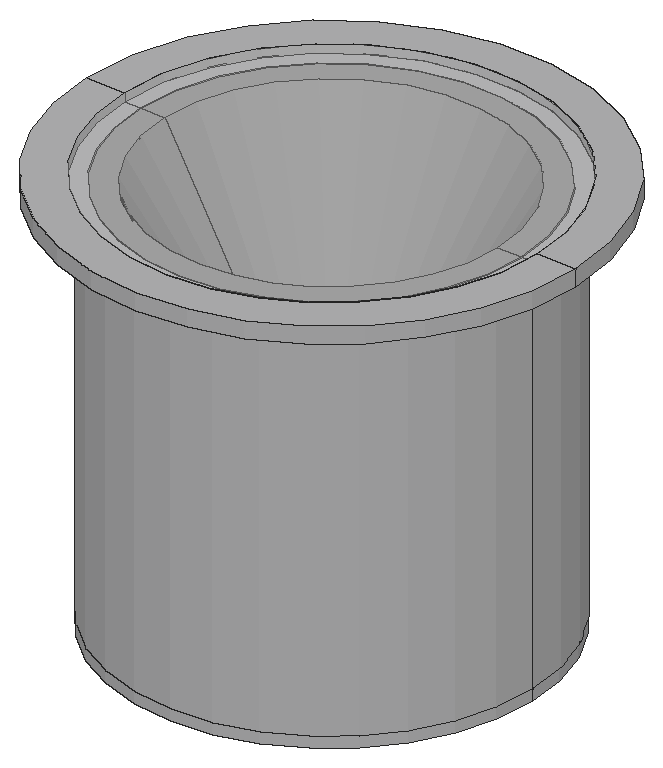
Revit family "2049516 Lighting Fixture_Sylvania_Myriad V LED_Ceiling Recessed", category Lighting Fixtures, host Face, Revit 2015
Parameters (values of type "MYRIAD SS HOUSING 4000K DIM EM")
  Weight = 1.40 kg  # constant formula
  Wattage = 6.09709 W
  built-in parameter 1150110 = 1 (stored number, unit not read)
  Voltage Comments = "UNV (Universal Voltage; 220-240 Volt)"  # constant formula
  Voltage = 240 V  # constant formula
  URL = ""
  built-in parameter 1114217 = 1 (stored number, unit not read)
  Tilt Angle = -90.00°  # constant formula
  built-in parameter 1150109 = 1 (stored number, unit not read)
  built-in parameter 1150134 = 12
  built-in parameter 1150113 = 1 (stored number, unit not read)
  Reflector Material = Steel_Sylvania_Myrad V LED_Chrome
  Recessed Depth = Height  # 72.0 mm
  Photometric Web File = "2049516_MYRIADVLED16W4KDimmable+Emergency-91586.ies"
  Product Page URL = ""
  Product Family = "MYRIAD V LED - HOUSING ONLY"  # constant formula
  Photometry Comments = ""
  built-in parameter 1150105 = 501.83 (stored number, unit not read)
  Lumens = 314 lm
  built-in parameter 1150115 = 1 (stored number, unit not read)
  built-in parameter 1150137 = (empty or 0)
  built-in parameter 1150139 = (empty or 0)
  Life = "50 000"  # constant formula
  built-in parameter 1150112 = 1 (stored number, unit not read)
  built-in parameter 1150114 = 1 (stored number, unit not read)
  Lamp Comments = "18W Citizen Citiled neutral 4000K"
  LOR = "100%"  # constant formula
  Inner Radius = Cutout Radius - 2.0 mm  # 35.5 mm
  built-in parameter 1150132 = 2
  built-in parameter 1150102 = (empty or 0)
  built-in parameter 1150107 = 4000 (stored number, unit not read)
  built-in parameter 1150138 = (empty or 0)
  built-in parameter 1150106 = 5.0183 (stored number, unit not read)
  Emit from Circle Diameter = Diffuser Diameter  # 77.0 mm
  Emit Shape Visible in Rendering = no
  built-in parameter 1150104 = 4.7845 (stored number, unit not read)
  Dimming Lamp Color Temperature Shift = <None>
  Diffuser Diameter = Cutout Diameter + 2.0 mm  # 77.0 mm
  Cutout Radius = Cutout Diameter / 2  # 37.5 mm
  Cutout Diameter = 75.0 mm
  Color Filter = 16777215
  Body Material = Aluminum_Sylvania_Myrad V LED_Silver
  Beam Angle = 30.00°  # constant formula
  built-in parameter 1114218 = 1 (stored number, unit not read)
  built-in parameter 1150133 = 10 (stored number, unit not read)
  IP Rating = "IP20/44(with accessories)"  # constant formula
  Height = 72.0 mm
  Electrical Protection = "CLASS II"  # constant formula
  built-in parameter 1114216 [instance] = 1 (stored number, unit not read)
  Model = "2049516 MYRIAD SS HOUSING 4000K DIM EM"
  Manufacturer = "Feilo-Sylvania Group"
  Lamp = "Integrated LED"
  Diffuser Material = Polycarbonate_Sylvania_Myrad V LED_Clear
  Description = "New high output high efficiency LED downlight modules. IR/UV free light source without heat radiation. Energy efficient light source with far superior luminous flux per watt than existing Low Voltage Halogen. Long life up to 50K hours, fit and forget maintenance free lighting solution. Dimmable options including DALI as standard. IP44 & IP65 versions as standard options. New range of Architectural accessories each providing a different lit dimension. Choice of colour temperatures warm 3000K and neutral 4000K. Luminaires supplied complete with LED drivers. Emergency versions passes through cut out. New completely flush plaster up accessory ring for clean ceiling lines and smooth finish. Total circuit power I5W"  # constant formula
  Default Elevation = 0.0 mm
  built-in parameter 1140040 [instance] = 1
  Assembly Code = "D5020200"
  Apparent Load Comments = ""
  Apparent Load = 18 VA
Reference planes
  plane 1 "Center (Front/Back)": y = 0
  plane 2: z = 0
  plane 3 "Center (Left/Right)": x = 0
  plane 4 "Fixture Bottom": z = 3
  plane 5 "Diffuser": z = 1.454
  plane 6 "Fixture Top": z = -72
  plane 7 "Housing Thickness": z = -70
  plane 8 "Reflector Top": z = -33.546
Forms (mm)
  Extrusion 1, void
    sketch origin (0, 0, 58) x (-1, 0, 0) y (0, -1, 0)
      loop
        circle (0, 0) r 37.5
    from -130 to -55
  Revolve 2, solid, material "Aluminum_Sylvania_Myrad V LED_Silver" <- "Body Material", detail levels fine
    sketch origin (0, 0, 0) x (1, 0, 0) y (0, 0, 1)
      loop
        line (-45.521, 3) -> (-45.521, 0) -> (-37.5, 0) -> (-37.5, -70) -> (-35.537, -70) -> (-35.537, 1.454) -> (-38.5, 1.454) -> (-38.5, 3) -> (-45.521, 3)
      axis (0, 3) -> (0, -70)
    angle from 0 to 360
  Extrusion 3, solid, material "Aluminum_Sylvania_Myrad V LED_Silver" <- "Body Material", detail levels fine
    sketch origin (0, 0, 58) x (-1, 0, 0) y (0, -1, 0)
      loop
        circle (0, 0) r 37.5
    from -130 to -128
  Revolve 4, solid, material "Steel_Sylvania_Myrad V LED_Chrome" <- "Reflector Material", detail levels fine
    sketch origin (0, 0, 0) x (1, 0, 0) y (0, 0, 1)
      loop
        line (-35.5, -33.546) -> (0, -33.546) -> (0, -31.083) -> (-12.169, -31.083) -> (-31, 1.454) -> (-35.5, 1.454) -> (-35.5, -33.546)
      axis (0, 1.454) -> (0, -33.546)
    angle from 0 to 360
  Extrusion 5, solid, material "Polycarbonate_Sylvania_Myrad V LED_Clear" <- "Diffuser Material", detail levels fine
    sketch origin (0, 0, 58) x (-1, 0, 0) y (0, -1, 0)
      loop
        circle (0, 0) r 38.5
    from -56.546 to -55
  Revolve 6, solid, material "Aluminum_Sylvania_Myrad V LED_Silver" <- "Body Material", detail levels coarse+medium
    sketch origin (0, 0, 0) x (1, 0, 0) y (0, 0, 1)
      loop
        line (-45.521, 3) -> (-45.521, 0) -> (-37.5, 0) -> (-37.5, -72) -> (0, -72) -> (0, 3) -> (-45.521, 3)
      axis (0, 3) -> (0, -72)
    angle from 0 to 360
Cuts and joins
  joined: Revolve 2, Extrusion 3
Dimensions and locks
  locked: plane 4 "Fixture Bottom" to plane 2 at 3
  locked: plane 5 "Diffuser" to plane 2 at 1.454
  "Height": plane 2 to plane 6 "Fixture Top"
  plane 7 "Housing Thickness" to plane 6 "Fixture Top" = 2.0 mm
  "Cutout Radius": plane 3 "Center (Left/Right)" to Revolve 2 sketch curve
  locked: Revolve 2 sketch curve to Revolve 2 sketch curve at 1.963
  locked: Revolve 2 sketch curve to Revolve 2 sketch curve at 8.021
  locked: Revolve 4 sketch curve to Revolve 4 sketch curve at 2.463
  locked: Revolve 2 sketch curve to Revolve 2 sketch curve at 1
  "Inner Radius": plane 3 "Center (Left/Right)" to Revolve 4 sketch curve
  locked: Revolve 4 sketch curve to Revolve 4 sketch curve at 4.5
  locked: Revolve 4 sketch curve to Revolve 4 sketch curve at 23.331
  locked: plane 5 "Diffuser" to plane 8 "Reflector Top" at 35
  locked: Revolve 6 sketch curve to Revolve 6 sketch curve at 8.021
  "Cutout Radius": Revolve 6 sketch curve to imposter light
  "Cutout Diameter": diameter of Extrusion 1 sketch curve
  "Cutout Diameter": diameter of Extrusion 3 sketch curve
  "Diffuser Diameter": diameter of Extrusion 5 sketch curve
  aligned and locked: host face to plane 2
  aligned and locked: level to host face
  aligned and locked: Revolve 2 sketch curve to plane 4 "Fixture Bottom"
  aligned and locked: Revolve 2 sketch curve to plane 5 "Diffuser"
  aligned and locked: Revolve 2 sketch curve to plane 2
  aligned and locked: Revolve 2 sketch curve to plane 3 "Center (Left/Right)"
  aligned and locked: plane 7 "Housing Thickness" to Extrusion 3
  aligned and locked: Extrusion 3 to plane 6 "Fixture Top"
  aligned and locked: Revolve 2 sketch curve to plane 7 "Housing Thickness"
  aligned and locked: Revolve 4 sketch curve to plane 5 "Diffuser"
  aligned and locked: Revolve 4 sketch curve to plane 3 "Center (Left/Right)"  (x2)
  aligned and locked: Extrusion 5 to plane 5 "Diffuser"
  aligned and locked: plane 4 "Fixture Bottom" to Extrusion 5
  aligned and locked: Revolve 4 sketch curve to plane 8 "Reflector Top"
  aligned and locked: imposter light to plane 3 "Center (Left/Right)"
  aligned and locked: imposter light to plane 4 "Fixture Bottom"
  aligned and locked: imposter light to plane 1 "Center (Front/Back)"
  aligned and locked: Revolve 6 sketch curve to plane 6 "Fixture Top"
  aligned and locked: Revolve 6 sketch curve to imposter light  (x2)
  aligned and locked: Revolve 6 sketch curve to plane 2
  aligned and locked: imposter light to Extrusion 1
  aligned and locked: Extrusion 1 to plane 6 "Fixture Top"
Automatic sketch dimensions
  host sketch curve to host sketch curve = 345.0 mm
  host sketch curve to host sketch curve = 280.0 mm
  plane 1 "Center (Front/Back)" to Extrusion 1 sketch curve = 0.0 mm
  Extrusion 1 sketch curve to plane 3 "Center (Left/Right)" = 0.0 mm
  plane 8 "Reflector Top" to Revolve 2 sketch curve = 16.453 mm
  plane 4 "Fixture Bottom" to Revolve 2 sketch curve = 14.907 mm
  plane 1 "Center (Front/Back)" to Extrusion 3 sketch curve = 0.0 mm
  Extrusion 3 sketch curve to plane 3 "Center (Left/Right)" = 0.0 mm
  plane 4 "Fixture Bottom" to Revolve 4 sketch curve = 9.307 mm
  Revolve 4 sketch curve to Revolve 4 sketch curve = 25.0 mm
  plane 1 "Center (Front/Back)" to Extrusion 5 sketch curve = 0.0 mm
  Extrusion 5 sketch curve to plane 3 "Center (Left/Right)" = 0.0 mm
  Revolve 6 sketch curve to plane 3 "Center (Left/Right)" = 0.0 mm
  plane 8 "Reflector Top" to Revolve 6 sketch curve = 16.453 mm
  Revolve 6 sketch curve to Revolve 6 sketch curve = 14.907 mm
Connectors
  electrical at (0, 0, -72), driven by "Voltage", driven by "Apparent Load"
    settings: on cut or joined group of Revolve 2, Extrusion 3, index 1, voltage 240 V, apparent load 0 VA, apparent load phase1 18 VA, apparent load phase2 0 VA, apparent load phase3 0 VA, power factor 1, load classification "Lighting", number of poles 1, system type 31, power factor state 1, is connector primary yes, connector utility no, sub classification motor no, connector description ""
